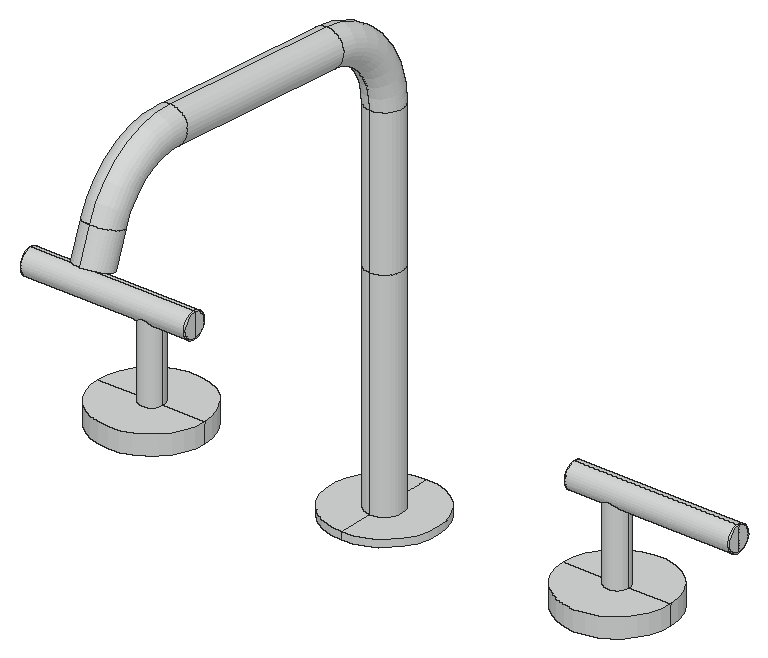
Revit family "TapSet_BathKitchen_Nero_Mecca_Edge_Spout", category Plumbing Fixtures, Revit 2022
Family settings
  Round Connector Dimension = Use Diameter
  Part Type = Normal
  OmniClass Number = 23.31.11.19
  OmniClass Title = Faucet Mixing Valves
  Work Plane-Based = No
  Always vertical = Yes
  Cut with Voids When Loaded = Yes
  Maintain Annotation Orientation = No
  Shared = No
  Room Calculation Point = No
Parameters (values of type "Chrome (25D005CH)")
  Waste Connection = no
  WFU = 0
  Vent Connection = no
  Uniclass2015Version = "Products v1.35"
  Uniclass2015Title = "Taps and water supply outlet fittings"
  Uniclass2015Code = "Pr_40_20_87"
  URL = "https://nerotapware.com.au/"
  Type Comments = "Tap Set - Bath Kitchen - Edge - Spout - Chrome"
  WithoutTurret = no
  WithTurret = yes
  Swivel = no
  ModifiedIssue = 20251009
  Model = "25D005CH"
  Material = Metal_Chrome_Nero
  ManufacturerURLProductSpecific = ""
  ManufacturerSpecCode = Model  # "25D005CH"
  ManufacturerOverallWidth = 396 mm  # constant formula
  ManufacturerOverallHeight = 270.5 mm  # constant formula
  ManufacturerOverallDepth = 242.5 mm  # constant formula
  Manufacturer = "Nero"
  IfcExportType = "MIXING"
  IfcExportAs = "IfcValve"
  HWFU = 0
  HW Connection = yes
  Description = "Mecca Bath/Kitchen Set Edge Spout Chrome"
  Default Elevation = 900 mm
  CreatedByURL = "https://igsgroup.com.au"
  CreatedBy = "IGS BIM Solutions"  # constant formula
  CWFU = 0
  CW Connection = yes
  Assembly Code = "D2010"
Types (7, lengths in mm): name | Type Comments | Model | Material | ManufacturerSpecCode | Description
  Chrome (25D005CH) | "Tap Set - Bath Kitchen - Edge - Spout - Chrome" | "25D005CH" | Metal_Chrome_Nero | "25D005CH" | "Mecca Bath/Kitchen Set Edge Spout Chrome"
  Matte Black (25D005MB) | "Tap Set - Bath Kitchen - Edge - Spout - Matte Black" | "25D005MB" | Metal_MatteBlack_Nero | "25D005MB" | "Mecca Bath/Kitchen Set Edge Spout Matte Black"
  Brushed Nickel (25D005BN) | "Tap Set - Bath Kitchen - Edge - Spout - Brushed Nickel" | "25D005BN" | Metal_Nickel_Nero_Brushed | "25D005BN" | "Mecca Bath/Kitchen Set Edge Spout Brushed Nickel"
  Gun Metal (25D005GM) | "Tap Set - Bath Kitchen - Edge - Spout - Gun Metal" | "25D005GM" | Metal_GunMetal_Nero | "25D005GM" | "Mecca Bath/Kitchen Set Edge Spout Gun Metal"
  Brushed Gold (25D005BG) | "Tap Set - Bath Kitchen - Edge - Spout - Brushed Gold" | "25D005BG" | Metal_Gold_Nero_Brushed | "25D005BG" | "Mecca Bath/Kitchen Set Edge Spout Brushed Gold"
  Brushed Bronze (25D005BZ) | "Tap Set - Bath Kitchen - Edge - Spout - Brushed Bronze" | "25D005BZ" | Metal_Bronze_Nero_Brushed | "25D005BZ" | "Mecca Bath/Kitchen Set Edge Spout Brushed Bronze"
  Matte White (25D005MW) | "Tap Set - Bath Kitchen - Edge - Spout - Matte White" | "25D005MW" | Metal_MatteWhite_Nero | "25D005MW" | "Mecca Bath/Kitchen Set Edge Spout Matte White"
Reference planes
  plane 1 "Bottom": z = 0
  plane 2 "Center (Left/Right)": x = 0.115
  plane 3 "SpoutCenter (Front/Back)": y = 40.962
  plane 4 "Ref. Level": z = 0
  plane 5 "Top": z = 270.5
  plane 6 "Right": x = 198.115
  plane 7 "Left": x = -197.885
  plane 8 "Back": y = 70.962
  plane 9 "Front": y = -171.538
Forms (mm)
  Revolve 1, solid, material "Metal_Chrome_Nero" <- "Material"
    sketch origin (0.115, 0, -50) x (0, 1, 0) y (0, 0, 1)
      loop
        line (70.962, 54) -> (50.962, 54) -> (50.962, 185.5) -> (40.962, 185.5) -> (40.962, 50) -> (70.962, 50) -> (70.962, 54)
      axis (40.962, 50) -> (40.962, 185.5)
    angle from 0 to 360
  Sweep 2, solid, material "Metal_Chrome_Nero" <- "Material"
    path origin (0.115, 0, -50) x (0, 1, 0) y (0, 0, 1)
      loop
        line (40.962, 175) -> (40.962, 256.327)
        arc (40.962, 256.327) -> (29.14, 286.729) -> (-0.116, 301.156) r 45
        line (-0.116, 301.156) -> (-109.163, 310.696)
        arc (-109.163, 310.696) -> (-137.183, 303.871) -> (-155.305, 281.437) r 45
        line (-155.305, 281.437) -> (-162.097, 263.022)
    profile origin (0.115, 40.962, 165.663) x (0, -1, 0) y (1, 0, 0)
      loop
        circle (0, 0) r 10
  Revolve 3, solid, material "Metal_Chrome_Nero" <- "Material"
    sketch origin (-636.066, 40.962, 1200) x (-1, 0, 0) y (0, 0, -1)
      loop
        line (-506.181, 1200) -> (-506.181, 1142.695) -> (-499.681, 1142.695) -> (-499.681, 1189) -> (-476.181, 1189) -> (-476.181, 1200) -> (-506.181, 1200)
      axis (-506.181, 1142.695) -> (-506.181, 1200)
    angle from 0 to 360
  Revolve 4, solid, material "Metal_Chrome_Nero" <- "Material"
    sketch origin (-636.066, 40.962, 1200) x (-1, 0, 0) y (0, 0, -1)
      loop
        line (-530.181, 1143) -> (-530.181, 1136.5)
        arc (-530.181, 1136.5) -> (-530.035, 1136.146) -> (-529.681, 1136) r 0.5
        line (-529.681, 1136) -> (-438.681, 1136)
        arc (-438.681, 1136) -> (-438.328, 1136.146) -> (-438.181, 1136.5) r 0.5
        line (-438.181, 1136.5) -> (-438.181, 1143) -> (-530.181, 1143)
      axis (-530.181, 1143) -> (-438.181, 1143)
    angle from 0 to 360
  Revolve 5, solid, material "Metal_Chrome_Nero" <- "Material"
    sketch origin (636.296, 40.962, 1200) x (1, 0, 0) y (0, 0, 1)
      loop
        line (-506.181, -1200) -> (-476.181, -1200) -> (-476.181, -1189) -> (-499.681, -1189) -> (-499.681, -1142.695) -> (-506.181, -1142.695) -> (-506.181, -1200)
      axis (-506.181, -1142.695) -> (-506.181, -1200)
    angle from 0 to 360
  Revolve 6, solid, material "Metal_Chrome_Nero" <- "Material"
    sketch origin (636.296, 40.962, 1200) x (1, 0, 0) y (0, 0, 1)
      loop
        line (-530.181, -1143) -> (-438.181, -1143) -> (-438.181, -1136.5)
        arc (-438.181, -1136.5) -> (-438.328, -1136.146) -> (-438.681, -1136) r 0.5
        line (-438.681, -1136) -> (-529.681, -1136)
        arc (-529.681, -1136) -> (-530.035, -1136.146) -> (-530.181, -1136.5) r 0.5
        line (-530.181, -1136.5) -> (-530.181, -1143)
      axis (-530.181, -1143) -> (-438.181, -1143)
    angle from 0 to 360
  Extrusion 7, solid, material "Metal_Chrome_Nero" <- "Material"
    sketch origin (0, 0, 0) x (1, 0, 0) y (0, 1, 0)
      loop
        circle (-129.885, 40.962) r 6.35
      loop
        circle (130.115, 40.962) r 6.35
    from 0 to -1
  Extrusion 8, void
    sketch origin (0, 0, 0) x (1, 0, 0) y (0, 1, 0)
      loop
        circle (-129.885, 40.962) r 15
      loop
        circle (130.115, 40.962) r 15
    from 0 to -40
Cuts and joins
  joined: Revolve 1, Sweep 2
  joined: Revolve 3, Revolve 4
  joined: Revolve 5, Revolve 6
Lines and regions (mm)
  Masking region 1
    outline origin (0, 0, 270.5) x (0, 1, 0) y (-1, 0, 0)
      loop
        line (47.962, 159.057) -> (47.962, 197.385)
        arc (47.962, 197.385) -> (47.816, 197.739) -> (47.462, 197.885) r 0.5
        line (47.462, 197.885) -> (34.462, 197.885)
        arc (34.462, 197.885) -> (34.109, 197.739) -> (33.962, 197.385) r 0.5
        line (33.962, 197.385) -> (33.962, 159.057)
        arc (33.962, 159.057) -> (40.962, 99.885) -> (47.962, 159.057) r 30
      loop
        arc (12.678, -10.115) -> (70.962, -0.115) -> (12.678, 9.885) r 30
        line (12.678, 9.885) -> (-161.479, 9.885)
        arc (-161.479, 9.885) -> (-171.479, -0.115) -> (-161.479, -10.115) r 10
        line (-161.479, -10.115) -> (12.678, -10.115)
      loop
        arc (47.962, -159.287) -> (40.962, -100.115) -> (33.962, -159.287) r 30
        line (33.962, -159.287) -> (33.962, -197.615)
        arc (33.962, -197.615) -> (34.109, -197.969) -> (34.462, -198.115) r 0.5
        line (34.462, -198.115) -> (47.462, -198.115)
        arc (47.462, -198.115) -> (47.816, -197.969) -> (47.962, -197.615) r 0.5
        line (47.962, -197.615) -> (47.962, -159.287)
  symbolic lines, style "Taps/Mixers", detail levels medium+fine
    curve 1: line (-106.385, 47.962, 270.5) -> (-159.057, 47.962, 270.5)
    curve 2: line (-105.885, 34.462, 270.5) -> (-105.885, 47.462, 270.5)
    curve 3: arc (-106.385, 47.962, 270.5) -> (-106.031, 47.816, 270.5) -> (-105.885, 47.462, 270.5) r 0.5
    curve 4: line (-106.385, 33.962, 270.5) -> (-159.753, 33.962, 270.5)
    curve 5: arc (-106.385, 33.962, 270.5) -> (-106.031, 34.109, 270.5) -> (-105.885, 34.462, 270.5) r 0.5
    curve 6: line (106.615, 47.962, 270.5) -> (159.287, 47.962, 270.5)
    curve 7: line (106.115, 34.462, 270.5) -> (106.115, 47.462, 270.5)
    curve 8: arc (106.615, 47.962, 270.5) -> (106.261, 47.816, 270.5) -> (106.115, 47.462, 270.5) r 0.5
    curve 9: line (106.615, 33.962, 270.5) -> (159.983, 33.962, 270.5)
    curve 10: arc (106.615, 33.962, 270.5) -> (106.261, 34.109, 270.5) -> (106.115, 34.462, 270.5) r 0.5
    curve 11: line (-9.885, 12.678, 270.5) -> (-9.885, 40.962, 270.5)
    curve 12: line (10.115, 12.678, 270.5) -> (10.115, 40.962, 270.5)
    curve 13: arc (10.115, 40.962, 270.5) -> (0.115, 50.962, 270.5) -> (-9.885, 40.962, 270.5) r 10
Text (mm)
  text "Disclaimer:\nDue to ongoing product development and manufacturing evolution, product details are subject to change without notice. Please refer to product technical data sheets on the manufacturers website for the most current product information. Please allow a +/- 5mm manufacturing tolerance for dimensions and set-outs shown in product literature." at (347.32, 148.915, 0), in view "Ref. Level"
Dimensions and locks
  "ManufacturerOverallHeight": plane 5 "Top" to plane 1 "Bottom"
  equal spacing: plane 7 "Left", plane 2 "Center (Left/Right)", plane 6 "Right"
  "ManufacturerOverallWidth": plane 7 "Left" to plane 6 "Right"
  locked: plane 3 "SpoutCenter (Front/Back)" to plane 8 "Back" at 30
  "ManufacturerOverallDepth": plane 9 "Front" to plane 8 "Back"
Automatic sketch dimensions
  Revolve 1 sketch curve to level = 0 mm
  Revolve 1 sketch curve to plane 3 "SpoutCenter (Front/Back)" = 0 mm  (x2)
  Revolve 1 sketch curve to plane 8 "Back" = 0 mm
  Revolve 1 sketch curve to plane 3 "SpoutCenter (Front/Back)" = 10 mm
  Revolve 1 sketch curve to Revolve 1 sketch curve = 4 mm
  Revolve 1 sketch curve to Revolve 1 sketch curve = 131.5 mm
  Revolve 1 sketch curve to Revolve 1 sketch curve = 0 mm
  Revolve 1 sketch curve to Revolve 1 sketch curve = 15 mm
  Sweep 2 sketch curve to plane 3 "SpoutCenter (Front/Back)" = 0 mm
  Sweep 2 sketch curve to plane 5 "Top" = 19.344 mm
  plane 3 "SpoutCenter (Front/Back)" to Sweep 2 sketch curve = 41.078 mm
  Sweep 2 sketch curve to Sweep 2 sketch curve = 3.922 mm  (x2)
  Sweep 2 sketch curve to plane 5 "Top" = 9.804 mm
  Sweep 2 sketch curve to plane 9 "Front" = 62.375 mm
  Sweep 2 sketch curve to plane 9 "Front" = 16.232 mm
  Sweep 2 sketch curve to Sweep 2 sketch curve = 44.829 mm
  Sweep 2 sketch curve to plane 9 "Front" = 9.441 mm
  Sweep 2 sketch curve to Sweep 2 sketch curve = 81.327 mm
  Sweep 2 sketch curve to Sweep 2 sketch curve = 18.416 mm
  Sweep 2 sketch curve to plane 2 "Center (Left/Right)" = 0 mm
  Sweep 2 sketch curve to profile plane = 0 mm
  Revolve 3 sketch curve to level = 0 mm  (x2)
  level to Revolve 3 sketch curve = 11 mm
  Revolve 3 sketch curve to Revolve 3 sketch curve = 23.5 mm
  Revolve 3 sketch curve to Revolve 3 sketch curve = 46.305 mm
  Revolve 3 sketch curve to level = 10 mm
  plane 7 "Left" to Revolve 4 sketch curve = 0 mm
  Revolve 4 sketch curve to plane 7 "Left" = 0.5 mm
  Revolve 4 sketch curve to Revolve 4 sketch curve = 0.5 mm
  level to Revolve 4 sketch curve = 64 mm
  Revolve 4 sketch curve to Revolve 4 sketch curve = 6.5 mm
  Revolve 4 sketch curve to Revolve 4 sketch curve = 5 mm
  plane 7 "Left" to Revolve 4 sketch curve = 5.837 mm
  Revolve 4 sketch curve to Revolve 4 sketch curve = 0 mm
  Revolve 5 sketch curve to level = 0 mm  (x2)
  level to Revolve 5 sketch curve = 11 mm
  Revolve 5 sketch curve to Revolve 5 sketch curve = 23.5 mm
  Revolve 5 sketch curve to Revolve 5 sketch curve = 46.305 mm
  Revolve 5 sketch curve to Revolve 5 sketch curve = 10 mm
  Revolve 6 sketch curve to plane 6 "Right" = 0 mm
  Revolve 6 sketch curve to plane 6 "Right" = 0.5 mm
  Revolve 6 sketch curve to Revolve 6 sketch curve = 0.5 mm
  level to Revolve 6 sketch curve = 57 mm
  Revolve 6 sketch curve to Revolve 6 sketch curve = 6.5 mm
  Revolve 6 sketch curve to Revolve 6 sketch curve = 5 mm
  plane 6 "Right" to Revolve 6 sketch curve = 5.837 mm
  Revolve 6 sketch curve to Revolve 6 sketch curve = 0 mm
  plane 3 "SpoutCenter (Front/Back)" to Extrusion 7 sketch curve = 0 mm  (x2)
  plane 3 "SpoutCenter (Front/Back)" to Extrusion 8 sketch curve = 0 mm  (x2)
  Masking region 1 sketch curve to plane 2 "Center (Left/Right)" = 0 mm  (x2)
  Masking region 1 sketch curve to plane 6 "Right" = 0 mm
  Masking region 1 sketch curve to plane 7 "Left" = 0 mm
  plane 3 "SpoutCenter (Front/Back)" to Masking region 1 sketch curve = 0 mm  (x3)
  plane 3 "SpoutCenter (Front/Back)" to Masking region 1 sketch curve = 6.5 mm  (x2)
  Masking region 1 sketch curve to plane 7 "Left" = 0.5 mm  (x2)
  Masking region 1 sketch curve to Masking region 1 sketch curve = 0.5 mm  (x2)
  plane 2 "Center (Left/Right)" to Masking region 1 sketch curve = 10 mm
  plane 3 "SpoutCenter (Front/Back)" to Masking region 1 sketch curve = 28.284 mm
  Masking region 1 sketch curve to plane 9 "Front" = 10.059 mm
  Masking region 1 sketch curve to plane 3 "SpoutCenter (Front/Back)" = 6.5 mm  (x2)
  plane 3 "SpoutCenter (Front/Back)" to curve 13 = 0 mm
  curve 13 to plane 2 "Center (Left/Right)" = 0 mm
  plane 3 "SpoutCenter (Front/Back)" to curve 2 = 6.5 mm
  plane 3 "SpoutCenter (Front/Back)" to curve 10 = 6.5 mm
  curve 9 to curve 10 = 0.5 mm
  curve 4 to curve 5 = 0.5 mm
  curve 7 to plane 3 "SpoutCenter (Front/Back)" = 6.5 mm
  curve 3 to plane 3 "SpoutCenter (Front/Back)" = 6.5 mm
  curve 8 to curve 6 = 0.5 mm
  curve 3 to curve 1 = 0.5 mm
  curve 11 to curve 11 = 28.284 mm
  plane 2 "Center (Left/Right)" to curve 12 = 10 mm
  curve 11 to curve 12 = 0 mm
  curve 9 to curve 6 = 0.696 mm
  curve 1 to curve 4 = 0.696 mm
  curve 2 to plane 7 "Left" = 92 mm
  curve 1 to plane 7 "Left" = 38.828 mm
  Revolve 3 sketch curve to plane 7 "Left" = 68 mm
  Revolve 3 sketch curve to Revolve 3 sketch curve = 6.5 mm
  Revolve 3 sketch curve to Revolve 3 sketch curve = 0 mm
  Revolve 4 sketch curve to Revolve 4 sketch curve = 86.5 mm
  Extrusion 7 sketch curve to plane 7 "Left" = 68 mm
  Extrusion 8 sketch curve to plane 7 "Left" = 68 mm
  Masking region 1 sketch curve to Masking region 1 sketch curve = 67.5 mm
  Masking region 1 sketch curve to Masking region 1 sketch curve = 29.172 mm  (x2)
  curve 7 to plane 6 "Right" = 92 mm
  curve 6 to plane 6 "Right" = 38.828 mm
  Revolve 5 sketch curve to plane 6 "Right" = 68 mm
  Revolve 5 sketch curve to Revolve 5 sketch curve = 6.5 mm
  Revolve 5 sketch curve to Revolve 5 sketch curve = 0 mm
  Revolve 6 sketch curve to Revolve 6 sketch curve = 86.5 mm
  Extrusion 7 sketch curve to plane 6 "Right" = 68 mm
  Extrusion 8 sketch curve to plane 6 "Right" = 68 mm
  Masking region 1 sketch curve to Masking region 1 sketch curve = 38.328 mm
  radius of Sweep 2 sketch curve = 10 mm
  radius of Extrusion 7 sketch curve = 6.35 mm  (x2)
  radius of Extrusion 8 sketch curve = 15 mm  (x2)
Connectors
  piping at (-129.885, 40.962, -1), diameter 12.7, driven by "HW Connection"
    settings: on Extrusion 7, index 1, connector inside diameter 609.6 mm, connector length 0 mm, flow factor 0, pipe flow 0.0 L/s, pressure drop 0.0 Pa, fitting loss kfactor 0, connector angle 0.00°, fixture units 0, engagement length 0 mm, angle of deflection 0.00°, flow configuration 2, flow direction 1, fitting loss method 0, system type 19, joint type 0, gender type 0, connector reference index -1, connector utility 1, adjustable connector no, is connector primary yes, connector description "Hot Water Supply"
  piping at (130.115, 40.962, -1), diameter 12.7, driven by "CW Connection"
    settings: on Extrusion 7, index 2, connector inside diameter 609.6 mm, connector length 0 mm, flow factor 0, pipe flow 0.0 L/s, pressure drop 0.0 Pa, fitting loss kfactor 0, connector angle 0.00°, fixture units 0, engagement length 0 mm, angle of deflection 0.00°, flow configuration 2, flow direction 1, fitting loss method 0, system type 20, joint type 0, gender type 0, connector reference index -1, connector utility 1, adjustable connector no, is connector primary no, connector description "Cold Water Supply"
